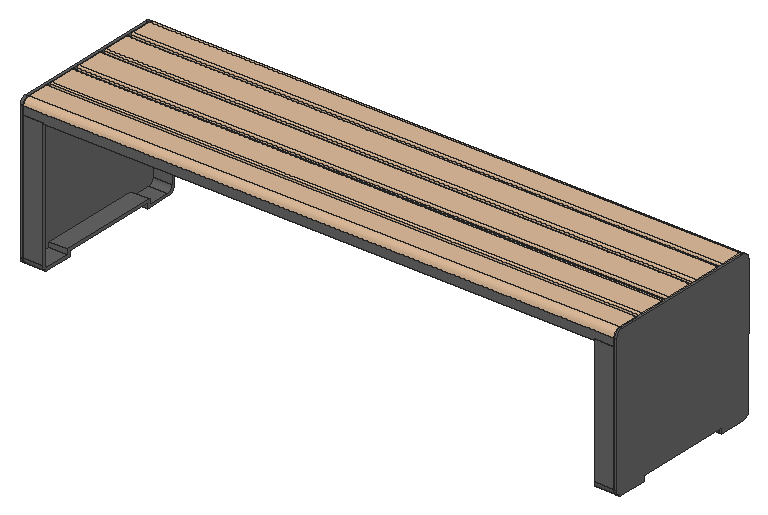
Revit family "1108-S-L", category Meble, Revit 2021
Family settings
  Numer OmniClass = 23.40.20.00
  Tytuł OmniClass = General Furniture and Specialties
  Oparty na płaszczyźnie roboczej = Nie
  Zawsze pionowo = Tak
  Tnij formami wycięć po wczytaniu = Nie
  Współdzielony = Nie
  Punkt obliczania pomieszczeń = Nie
Parameters (values of type "61108-S-L")
  wood = Mobilis Design Wood - Larch
  metal = Mobilis Design RAL 9004
  Width = "50 cm"
  Weight = "50 kg"
  URL = ""
  Product line = "Centaurus"
  Product Groups = ""
  Manufacturer = ""
  Keynote = ""
  Description = ""
  Model = "1108-S-L"
  Material = ""
  Maintenance = ""
  Lenght = "180 cm"
  Type Comments = ""
  Mobilis Design Materials = ""
  Hosted on = ""
  Height = "45 cm"
  Domyślna rzędna = 0 mm
  Copyright = "All designs and drawings are the common intellectual property of Lars Laj A/S and Tress and are protected by Danish and international copyright laws."
Reference planes
  plane 1 "front": y = 0
  plane 2: z = 0
  plane 3 "Środek (Lewa/Prawa)": x = 0
  plane 4 "left": x = -895
  plane 5 "right": x = 895
  plane 6: x = -835
  plane 7: x = 835
Forms (mm)
  Extrusion 1, solid, material "Mobilis Design Wood - Larch" <- "wood"
    sketch origin (0, -304.521, 21.46) x (0, 1, 0) y (0, 0, 1)
      loop
        arc (260.118, 430.04) -> (256.583, 428.576) -> (255.118, 425.04) r 5
        line (255.118, 425.04) -> (255.118, 388.972)
        arc (255.118, 388.972) -> (255.693, 387.586) -> (257.078, 387.012) r 1.96
        line (257.078, 387.012) -> (342.493, 387.012)
        arc (342.493, 387.012) -> (343.908, 387.598) -> (344.493, 389.012) r 2
        line (344.493, 389.012) -> (344.493, 425.04)
        arc (344.493, 425.04) -> (343.029, 428.576) -> (339.493, 430.04) r 5
        line (339.493, 430.04) -> (260.118, 430.04)
    from -895 to 895
  Extrusion 2, solid, material "Mobilis Design Wood - Larch" <- "wood"
    sketch origin (0, -406.971, 21.46) x (0, 1, 0) y (0, 0, 1)
      loop
        arc (260.118, 430.04) -> (256.583, 428.576) -> (255.118, 425.04) r 5
        line (255.118, 425.04) -> (255.118, 388.972)
        arc (255.118, 388.972) -> (255.693, 387.586) -> (257.078, 387.012) r 1.96
        line (257.078, 387.012) -> (342.493, 387.012)
        arc (342.493, 387.012) -> (343.908, 387.598) -> (344.493, 389.012) r 2
        line (344.493, 389.012) -> (344.493, 425.04)
        arc (344.493, 425.04) -> (343.029, 428.576) -> (339.493, 430.04) r 5
        line (339.493, 430.04) -> (260.118, 430.04)
    from -895 to 895
  Extrusion 3, solid, material "Mobilis Design Wood - Larch" <- "wood"
    sketch origin (0, -509.158, 21.46) x (0, 1, 0) y (0, 0, 1)
      loop
        arc (275.801, 430.04) -> (261.497, 424.045) -> (255.743, 409.642) r 20.061
        line (255.743, 409.642) -> (258.916, 409.642) -> (258.916, 387.013) -> (343.118, 387.013)
        arc (343.118, 387.013) -> (344.532, 387.598) -> (345.117, 389.012) r 1.999
        line (345.117, 389.012) -> (345.117, 425.043)
        arc (345.117, 425.043) -> (343.653, 428.577) -> (340.119, 430.04) r 4.998
        line (340.119, 430.04) -> (275.801, 430.04)
    from -895 to 895
  Extrusion 4, solid, material "Mobilis Design Wood - Larch" <- "wood"
    sketch origin (0, -201.971, 22.625) x (0, 1, 0) y (0, 0, 1)
      loop
        arc (260.118, 428.875) -> (256.583, 427.411) -> (255.118, 423.875) r 5
        line (255.118, 423.875) -> (255.118, 387.807)
        arc (255.118, 387.807) -> (255.693, 386.421) -> (257.078, 385.847) r 1.96
        line (257.078, 385.847) -> (342.493, 385.847)
        arc (342.493, 385.847) -> (343.908, 386.433) -> (344.493, 387.847) r 2
        line (344.493, 387.847) -> (344.493, 423.875)
        arc (344.493, 423.875) -> (343.029, 427.411) -> (339.493, 428.875) r 5
        line (339.493, 428.875) -> (260.118, 428.875)
    from -895 to 895
  Extrusion 5, solid, material "Mobilis Design RAL 9004" <- "metal", not visible
    sketch origin (0, 0, 0) x (0, 1, 0) y (0, 0, 1)
      loop
        arc (71.187, 451.5) -> (57.045, 445.642) -> (51.187, 431.5) r 20
        line (51.187, 431.5) -> (51.187, 18.231)
        arc (51.187, 18.231) -> (56.527, 5.34) -> (69.418, 0) r 18.231
        line (69.418, 0) -> (153.638, 0) -> (153.638, 15) -> (448.638, 15) -> (448.638, 0) -> (527.023, 0)
        arc (527.023, 0) -> (542.307, 6.331) -> (548.638, 21.615) r 21.615
        line (548.638, 21.615) -> (548.638, 429.407)
        arc (548.638, 429.407) -> (542.168, 445.029) -> (526.545, 451.5) r 22.093
        line (526.545, 451.5) -> (71.187, 451.5)
    from 750.378 to 745
  Extrusion 6, solid, material "Mobilis Design RAL 9004" <- "metal", not visible
    sketch origin (0, 0, 0) x (0, 1, 0) y (0, 0, 1)
      loop
        line (548.638, 396.844) -> (629.375, 854.725) -> (601.836, 859.581)
        arc (601.836, 859.581) -> (585.224, 855.898) -> (576.082, 841.547) r 22.232
        line (576.082, 841.547) -> (507.306, 451.5) -> (526.545, 451.5)
        arc (526.545, 451.5) -> (542.168, 445.029) -> (548.638, 429.407) r 22.093
        line (548.638, 429.407) -> (548.638, 396.844)
    from 745 to 750.378
  Extrusion 7, solid, material "Mobilis Design RAL 9004" <- "metal"
    sketch origin (0, -304.491, 0) x (0, -1, 0) y (0, 0, 1)
      loop
        line (-71.187, 451.5) -> (-526.545, 451.5)
        arc (-526.545, 451.5) -> (-542.168, 445.029) -> (-548.638, 429.407) r 22.093
        line (-548.638, 429.407) -> (-548.638, 21.615)
        arc (-548.638, 21.615) -> (-542.307, 6.331) -> (-527.023, 0) r 21.615
        line (-527.023, 0) -> (-448.638, 0) -> (-448.638, 15) -> (-153.638, 15) -> (-153.638, 0) -> (-69.418, 0)
        arc (-69.418, 0) -> (-56.527, 5.34) -> (-51.187, 18.231) r 18.231
        line (-51.187, 18.231) -> (-51.187, 431.5)
        arc (-51.187, 431.5) -> (-57.045, 445.642) -> (-71.187, 451.5) r 20
    from 903.45 to 895
  Extrusion 8, solid, material "Mobilis Design RAL 9004" <- "metal"
    sketch origin (0, -304.491, 0) x (0, 1, 0) y (0, 0, 1)
      loop
        line (548.638, 23.296) -> (548.638, 408.472) -> (51.187, 408.472) -> (51.187, 18.763)
        arc (51.187, 18.763) -> (56.683, 5.495) -> (69.95, 0) r 18.763
        line (69.95, 0) -> (153.638, 0) -> (153.638, 15) -> (448.638, 15) -> (448.638, 0) -> (525.342, 0)
        arc (525.342, 0) -> (541.815, 6.823) -> (548.638, 23.296) r 23.296
      loop
        line (58.687, 400.262) -> (58.687, 18.763)
        arc (58.687, 18.763) -> (61.986, 10.799) -> (69.95, 7.5) r 11.263
        line (69.95, 7.5) -> (146.138, 7.5) -> (146.138, 22.5) -> (456.138, 22.5) -> (456.138, 7.5) -> (525.342, 7.5)
        arc (525.342, 7.5) -> (536.512, 12.127) -> (541.138, 23.296) r 15.796
        line (541.138, 23.296) -> (541.138, 400.262) -> (58.687, 400.262)
    from -895 to -835
  Extrusion 9, solid, material "Mobilis Design RAL 9004" <- "metal"
    sketch origin (0, -304.491, 0) x (0, 1, 0) y (0, 0, -1)
      loop
        line (548.09, -408.472) -> (548.09, -405.57) -> (72.53, -405.57) -> (72.53, -408.472) -> (548.09, -408.472)
    from -255.616 to -315.616
  Extrusion 10, solid, material "Mobilis Design RAL 9004" <- "metal"
    sketch origin (0, -304.491, 0) x (0, 1, 0) y (0, 0, 1)
      loop
        line (53.936, 431.102) -> (51.187, 431.102) -> (51.187, 405.57) -> (72.53, 405.57) -> (72.53, 408.472) -> (53.936, 408.472) -> (53.936, 431.102)
    from -895 to 895
  Extrusion 11, solid, material "Mobilis Design Wood - Larch" <- "wood"
    sketch origin (0, 499.513, 21.46) x (0, -1, 0) y (0, 0, -1)
      loop
        line (275.801, -430.04) -> (340.119, -430.04)
        arc (340.119, -430.04) -> (343.653, -428.577) -> (345.117, -425.043) r 4.998
        line (345.117, -425.043) -> (345.117, -389.012)
        arc (345.117, -389.012) -> (344.532, -387.598) -> (343.118, -387.013) r 1.999
        line (343.118, -387.013) -> (258.705, -387.013) -> (258.705, -409.642) -> (255.743, -409.642)
        arc (255.743, -409.642) -> (261.497, -424.045) -> (275.801, -430.04) r 20.061
    from -895 to 895
  Extrusion 12, solid, material "Mobilis Design RAL 9004" <- "metal"
    sketch origin (0, -304.491, 0) x (0, -1, 0) y (0, 0, -1)
      loop
        arc (-71.187, -451.5) -> (-57.045, -445.642) -> (-51.187, -431.5) r 20
        line (-51.187, -431.5) -> (-51.187, -18.231)
        arc (-51.187, -18.231) -> (-56.527, -5.34) -> (-69.418, 0) r 18.231
        line (-69.418, 0) -> (-153.638, 0) -> (-153.638, -15) -> (-448.638, -15) -> (-448.638, 0) -> (-527.023, 0)
        arc (-527.023, 0) -> (-542.307, -6.331) -> (-548.638, -21.615) r 21.615
        line (-548.638, -21.615) -> (-548.638, -429.407)
        arc (-548.638, -429.407) -> (-542.168, -445.029) -> (-526.545, -451.5) r 22.093
        line (-526.545, -451.5) -> (-71.187, -451.5)
    from 903.45 to 895
  Extrusion 13, solid, material "Mobilis Design RAL 9004" <- "metal"
    sketch origin (0, -304.491, 0) x (0, 1, 0) y (0, 0, -1)
      loop
        arc (548.638, -23.296) -> (541.815, -6.823) -> (525.342, 0) r 23.296
        line (525.342, 0) -> (448.638, 0) -> (448.638, -15) -> (153.638, -15) -> (153.638, 0) -> (69.95, 0)
        arc (69.95, 0) -> (56.683, -5.495) -> (51.187, -18.763) r 18.763
        line (51.187, -18.763) -> (51.187, -408.472) -> (548.638, -408.472) -> (548.638, -23.296)
      loop
        line (58.687, -400.262) -> (541.138, -400.262) -> (541.138, -23.296)
        arc (541.138, -23.296) -> (536.512, -12.127) -> (525.342, -7.5) r 15.796
        line (525.342, -7.5) -> (456.138, -7.5) -> (456.138, -22.5) -> (146.138, -22.5) -> (146.138, -7.5) -> (69.95, -7.5)
        arc (69.95, -7.5) -> (61.986, -10.799) -> (58.687, -18.763) r 11.263
        line (58.687, -18.763) -> (58.687, -400.262)
    from -895 to -835
  Extrusion 14, solid, material "Mobilis Design RAL 9004" <- "metal"
    sketch origin (0, 295.06, 0) x (0, -1, 0) y (0, 0, -1)
      loop
        line (53.936, -431.102) -> (53.936, -408.472) -> (72.53, -408.472) -> (72.53, -405.57) -> (50.912, -405.57) -> (50.912, -431.102) -> (53.936, -431.102)
    from -895 to 895
  Extrusion 15, solid, material "Mobilis Design RAL 9004" <- "metal"
    sketch origin (0, -304.491, 0) x (0, 1, 0) y (0, 0, 1)
      loop
        line (548.09, 408.472) -> (72.53, 408.472) -> (72.53, 405.57) -> (548.09, 405.57) -> (548.09, 408.472)
    from -255.616 to -315.616
Dimensions and locks
  Extrusion 1 sketch curve to Extrusion 1 sketch curve = 89.375 mm
  Extrusion 1 sketch curve to Extrusion 1 sketch curve = 43.028 mm
  Extrusion 2 sketch curve to Extrusion 2 sketch curve = 89.375 mm
  Extrusion 2 sketch curve to Extrusion 2 sketch curve = 43.028 mm
  Extrusion 3 sketch curve to Extrusion 3 sketch curve = 43.028 mm
  Extrusion 4 sketch curve to Extrusion 4 sketch curve = 89.375 mm
  Extrusion 4 sketch curve to Extrusion 4 sketch curve = 43.028 mm
  Extrusion 11 sketch curve to Extrusion 11 sketch curve = 43.028 mm
  aligned and locked: level to plane 2
  aligned and locked: plane 5 "right" to Extrusion 1
  aligned and locked: Extrusion 1 to plane 4 "left"
  aligned and locked: plane 5 "right" to Extrusion 4
  aligned and locked: Extrusion 2 to plane 5 "right"
  aligned and locked: Extrusion 3 to plane 5 "right"
  aligned and locked: Extrusion 4 to plane 4 "left"
  aligned and locked: Extrusion 2 to plane 4 "left"
  aligned and locked: Extrusion 3 to plane 4 "left"
  aligned and locked: Extrusion 7 to plane 4 "left"
  aligned and locked: Extrusion 8 to plane 4 "left"
  aligned and locked: Extrusion 8 to plane 6
  aligned and locked: Extrusion 10 to plane 4 "left"
  aligned and locked: Extrusion 10 to plane 5 "right"
